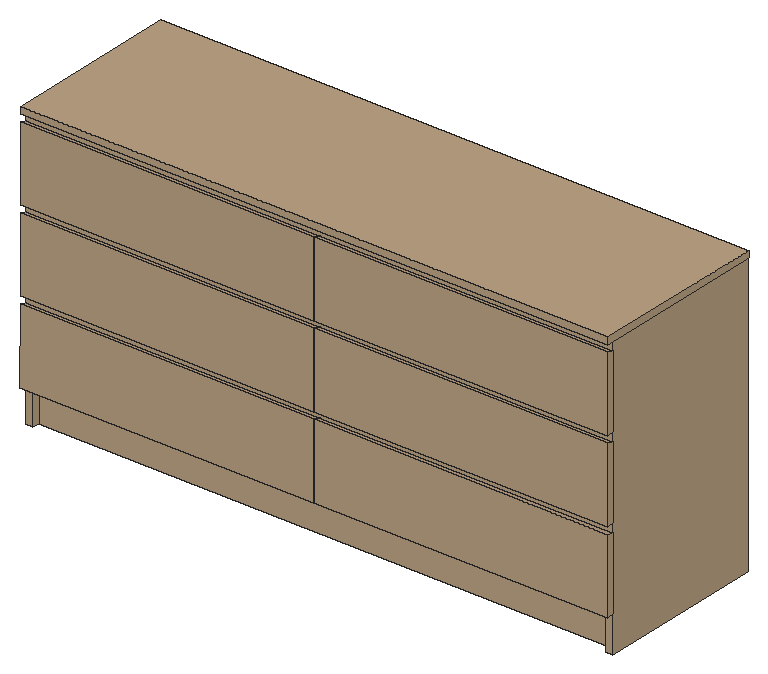
Revit family "Ikea_Malm_6-drawer_dresser_-_low_2577", category Мебель, Revit 2017
Family settings
  На основе рабочей плоскости = Нет
  Всегда вертикально = Да
  При загрузке вырезать с полостями = Нет
  Общий = Нет
  Точка расчета площади = Нет
Reference planes (in)
  plane 1 "Center F/B": y = 0
  plane 2: z = 0
  plane 3 "Center L/R": x = 0
Forms (in)
  Extrusion 1, solid
    sketch origin (3.35711, 0, 0) x (1, 0, 0) y (0, 1, 0)
      loop
        line (-34.85711, 9.4375) -> (-34.85711, -8.6875) -> (28.14289, -8.6875) -> (28.14289, 9.4375) -> (-34.85711, 9.4375)
    from 0 to 30.125
  Extrusion 2, solid
    sketch origin (3.35711, 0, 0) x (1, 0, 0) y (0, 1, 0)
      loop
        line (-34.85711, 9.4375) -> (-34.85711, -9.4375) -> (28.14289, -9.4375) -> (28.14289, 9.4375) -> (-34.85711, 9.4375)
    from 30.125 to 30.875
  Extrusion 3, solid
    sketch origin (31.5, 16.5625, -17.70727) x (0, -1, 0) y (0, 0, -1)
      loop
        line (25.25, -46.88131) -> (26, -47.08227) -> (26, -39.08227) -> (25.25, -39.08227) -> (25.25, -46.88131)
    from -31.5 to 0
  Extrusion 4, solid
    sketch origin (31.5, 16.5625, -26.45727) x (0, -1, 0) y (0, 0, -1)
      loop
        line (25.25, -46.88131) -> (26, -47.08227) -> (26, -39.08227) -> (25.25, -39.08227) -> (25.25, -46.88131)
    from -31.5 to 0
  Extrusion 5, solid
    sketch origin (31.5, 16.5625, -35.20727) x (0, -1, 0) y (0, 0, -1)
      loop
        line (25.25, -46.88131) -> (26, -47.08227) -> (26, -39.08227) -> (25.25, -39.08227) -> (25.25, -46.88131)
    from -31.5 to 0
  Extrusion 6, void
    sketch origin (0, 0, 0) x (1, 0, 0) y (0, 1, 0)
      loop
        line (-30.75, -8.6875) -> (30.75, -8.6875) -> (30.75, -7.9375) -> (-30.75, -7.9375) -> (-30.75, -8.6875)
    from 0 to 3.5
  Extrusion 7, solid
    sketch origin (0, 16.5625, -17.70727) x (0, -1, 0) y (0, 0, -1)
      loop
        line (25.25, -46.88131) -> (26, -47.08227) -> (26, -39.08227) -> (25.25, -39.08227) -> (25.25, -46.88131)
    from -31.5 to 0
  Extrusion 8, solid
    sketch origin (0, 16.5625, -26.45727) x (0, -1, 0) y (0, 0, -1)
      loop
        line (25.25, -46.88131) -> (26, -47.08227) -> (26, -39.08227) -> (25.25, -39.08227) -> (25.25, -46.88131)
    from -31.5 to 0
  Extrusion 9, solid
    sketch origin (0, 16.5625, -35.20727) x (0, -1, 0) y (0, 0, -1)
      loop
        line (25.25, -46.88131) -> (26, -47.08227) -> (26, -39.08227) -> (25.25, -39.08227) -> (25.25, -46.88131)
    from -31.5 to 0
Cuts and joins
  Extrusion 6 cuts Extrusion 1
  Extrusion 6 cuts Extrusion 2
  Extrusion 6 cuts Extrusion 3
  Extrusion 6 cuts Extrusion 4
  Extrusion 6 cuts Extrusion 5
